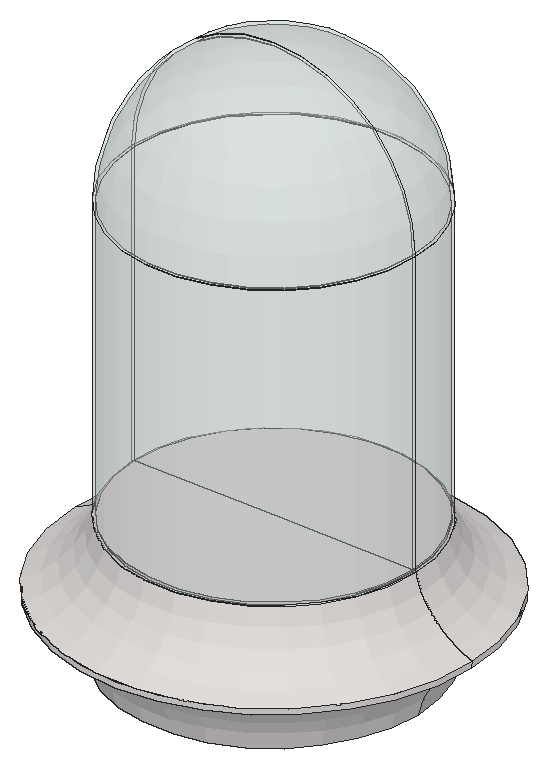
Revit family "CÚPULAS BAMBU MÉDIA", category Sistema de mobiliário, Revit 2024
Family settings
  Cota do conector redondo = Utilizar diâmetro
  Tipo de parte = Normal
  Com base no plano de trabalho = Não
  Ativar corte nas vistas = Não
  Sempre na vertical = Sim
  Corte com vazios quando carregada = Não
  Compartilhado = Não
  Ponto de cálculo do ambiente = Não
Parameters
  Elevação padrão = 0.0 cm
Reference planes (cm)
  plane 1 "Centro (Frente/Trás)": y = 0
  plane 2: z = 0
  plane 3 "Centro (Esquerda/Direita)": x = 0
  plane 4: x = -22.5
  plane 5: x = 22.5
  plane 6: y = -25.5
  plane 7: y = 25.5
Forms (cm)
  Revolve 1, solid, material ".LR_MADEIRA CLARA"
    sketch origin (-345.2408, 1650.5396, -97.46) x (-1, 0, 0) y (0, 0, 1)
      loop
        line (-306.538, 107.46) -> (-306.538, 98.46) -> (-296.3017, 98.46)
        arc (-296.3017, 98.46) -> (-294.9507, 101.0483) -> (-292.538, 102.6924) r 6
        line (-292.538, 102.6924) -> (-292.538, 103.0841)
        arc (-292.538, 103.0841) -> (-295.0735, 104.688) -> (-296.5155, 107.3189) r 6
        line (-296.5155, 107.3189) -> (-296.7202, 107.3189) -> (-296.7202, 107.46) -> (-306.538, 107.46)
      axis (-306.538, 107.46) -> (-306.538, 98.46)
    angle from 0 to 360
  Revolve 2, solid, material ".LR_VIDRO"
    sketch origin (-345.2646, 1650.5555, -97.4623) x (-1, 0, 0) y (0, 0, 1)
      loop
        line (-296.738, 107.3189) -> (-296.538, 107.3189) -> (-296.538, 127.2974)
        arc (-296.538, 127.2974) -> (-299.4739, 134.3853) -> (-306.5619, 137.3212) r 10.0239
        line (-306.5619, 137.3212) -> (-306.5619, 137.1212)
        arc (-306.5619, 137.1212) -> (-299.6153, 134.2439) -> (-296.738, 127.2974) r 9.8239
        line (-296.738, 127.2974) -> (-296.738, 107.3189)
      axis (-306.5619, 137.3212) -> (-306.5619, 107.3189)
    angle from 0 to 360
Dimensions and locks (cm)
  equal spacing: plane 6, plane 1 "Centro (Frente/Trás)", plane 7
  equal spacing: plane 4, plane 3 "Centro (Esquerda/Direita)", plane 5
  aligned and locked: level to plane 2
Automatic sketch dimensions
  Revolve 2 sketch curve to Revolve 2 sketch curve = 0.0 cm  (x3)
  Revolve 2 sketch curve to plane 4 = 16.2028 cm
  Revolve 2 sketch curve to Revolve 2 sketch curve = 9.8239 cm
  Revolve 2 sketch curve to Revolve 2 sketch curve = 0.2 cm
  level to Revolve 2 sketch curve = 9.8565 cm
  Revolve 2 sketch curve to Revolve 2 sketch curve = 19.9785 cm
  level to Revolve 2 sketch curve = 8.2565 cm
  Revolve 2 sketch curve to Revolve 2 sketch curve = 4.8977 cm
  Revolve 1 sketch curve to plane 4 = 16.2028 cm
  Revolve 1 sketch curve to Revolve 1 sketch curve = 9.8178 cm
  Revolve 1 sketch curve to Revolve 1 sketch curve = 0.2047 cm
  level to Revolve 1 sketch curve = 1.0 cm
  Revolve 1 sketch curve to Revolve 1 sketch curve = 0.2138 cm
  Revolve 1 sketch curve to Revolve 1 sketch curve = 3.9775 cm
  Revolve 1 sketch curve to Revolve 1 sketch curve = 1.8379 cm
  Revolve 1 sketch curve to level = 0.3988 cm
  Revolve 1 sketch curve to Revolve 1 sketch curve = 2.071 cm
  Revolve 1 sketch curve to Revolve 1 sketch curve = 0.3917 cm
  Revolve 1 sketch curve to Revolve 1 sketch curve = 4.2348 cm
  Revolve 1 sketch curve to Revolve 1 sketch curve = 0.1411 cm
  Revolve 1 sketch curve to Revolve 1 sketch curve = 0.0 cm
  Revolve 1 sketch curve to level = 1.2 cm
  Revolve 1 sketch curve to Revolve 1 sketch curve = 1.4 cm
